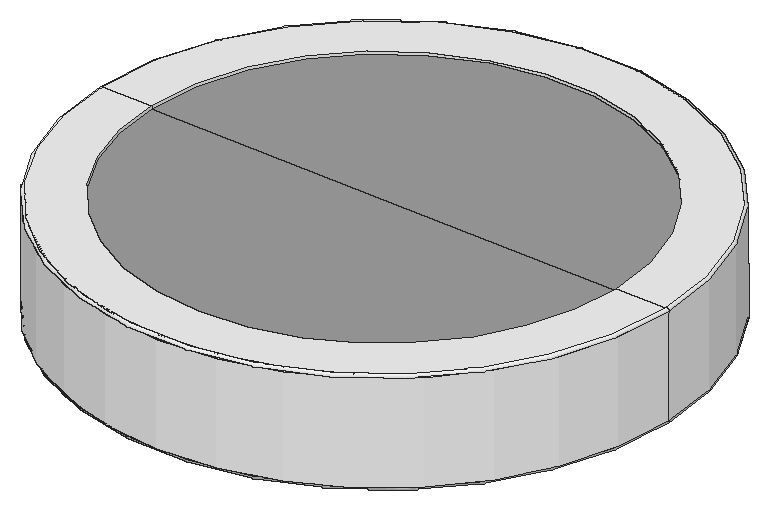
Revit family "0053301 Feilo Sylvania Lighting Fixture SYLFLAT SURFACE 2000 R 3000K", category Lighting Fixtures, host Face, Revit 2016
Family settings
  Host = Face
  Part Type = Normal
  Round Connector Dimension = Use Diameter
  OmniClass Number = 23.80.70.00
  OmniClass Title = Lighting
  Cut with Voids When Loaded = No
  Light Source = Yes
  Shared = No
  Room Calculation Point = No
Parameters (values of type "0053301 SYLFLAT SURFACE 2000 R 3000K")
  Weight = "5.6 kg"
  Wattage Comments = ""
  Wattage = 23 W
  WarrantyStartDate [instance] = "n/a"
  WarrantyGuarantorParts = "n/a"
  WarrantyDurationUnit = "n/a"
  WarrantyDurationParts = "n/a"
  WarrantyDescription = "n/a"
  built-in parameter 1150110 = 1 (stored number, unit not read)
  Voltage = 230 V
  URL = "http://www.feilosylvania.com"
  TypeName = "SYLFLAT SURFACE 2000 R 3000K"
  Type Image = <None>
  Type Comments = "n/a"
  built-in parameter 1114217 = 1 (stored number, unit not read)
  Tilt Angle = -90.00°
  built-in parameter 1150109 = 1 (stored number, unit not read)
  built-in parameter 1150134 = (empty or 0)
  built-in parameter 1150113 = 1 (stored number, unit not read)
  Square_FEILO = no
  SerialNumber [instance] = "n/a"
  Photometric Web File = "0053301.ies"
  Material_3_FEILO = none
  PowerFactor = 0.9
  PowerConsumption = "23 W"
  NominalLength = 0 mm
  NominalHeight = 40 mm
  NominalDepth = 0 mm
  Name = "SYLFLAT SURFACE 2000 R 3000K"
  ModelReference = Name  # "SYLFLAT SURFACE 2000 R 3000K"
  ModelNumber = "0053301"
  Model = Name  # "SYLFLAT SURFACE 2000 R 3000K"
  Material = "plastic housing, polycarbonate diffuser"
  ManufacturerName = "Feilo Sylvania"
  Manufacturer = "Feilo Sylvania"
  LuminousEfficacy = "74 lm/W"
  built-in parameter 1150105 = 135.44 (stored number, unit not read)
  Lumens = 1702 lm
  LuminaireType = ""
  built-in parameter 1150115 = 1 (stored number, unit not read)
  LightOutputRatio = "100"
  built-in parameter 1150137 = (empty or 0)
  built-in parameter 1150139 = (empty or 0)
  LampsType = Lamp  # "LED"
  LampNominalLuminous = "1700 lm"
  LampMacAdamStep = "n/a"
  LampColourTemperature = "3000 K"
  LampColourRenderingIndex = "0"
  built-in parameter 1150112 = 1 (stored number, unit not read)
  built-in parameter 1150114 = 1 (stored number, unit not read)
  Lamp = "LED"
  Keynote = "16500"
  InstallationDate [instance] = "n/a"
  InputVoltage = "220-240V~"
  InputNominalFrequency = "n/a"
  built-in parameter 1150132 = (empty or 0)
  built-in parameter 1150102 = (empty or 0)
  built-in parameter 1150107 = 3000 (stored number, unit not read)
  built-in parameter 1150138 = (empty or 0)
  IngressProtection = "IP20"
  ImpactProtectionIndex = "IK06"
  built-in parameter 1150106 = 1.3544 (stored number, unit not read)
  IfcExportType = "IfcLightFixtureType"
  IfcExportAs = "IfcLightFixtureType"
  Height_FEILO = 40 mm
  ExpectedLife = 50000
  Emit from Circle Diameter = Diameter_FEILO - 40 mm  # 180 mm
  Emit Shape Visible in Rendering = no
  ElectricShockClassification = "Class II"
  built-in parameter 1150104 = 6.8748 (stored number, unit not read)
  DurationUnit = "hours"
  DocumentationLiterature = "http://www.feilosylvania.com/product/en-int/products/0053301"
  DimmingControlOptions = "Non dimmable"
  Material_2_FEILO = Diffuser-Sylvania-SylFlat-Opaque
  Dimming Lamp Color Temperature Shift = <None>
  Diameter_FEILO = 220 mm
  Description = "Integrated round surface mounted 220mm diameter LED downlight providing uniform distribution with an opal diffuser, 110° beam angle, 1700LM, 23W, 74lm/W, 3000K, CRI80, non-dimmable, IP20, IK06, 25,000hrs (L70)"
  Default Elevation = 1219.2 mm
  CreatedOn = "1/26/2018"
  CreatedBy = "aron.fodor@feilosylvania.com"
  Cost = 0
  Color Filter = 16777215
  built-in parameter 1114216 [instance] = (empty or 0)
  ClassificationValue = "EF_70_80"
  ClassificationName = "Uniclass2015"
  Material_1_FEILO = Body-Sylvania-SylFlat-White
  Circle_FEILO = yes
  BarCode [instance] = "n/a"
  built-in parameter 1114218 = 1 (stored number, unit not read)
  built-in parameter 1150133 = 10 (stored number, unit not read)
  AssetType = "Fixed"
  AssetIdentifier [instance] = "n/a"
  Assembly Code = "D5020200"
  Apparent Load = 23 VA
  Material_4_FEILO = none
Reference planes
  plane 1 "Center (Front/Back)": y = 0
  plane 2: z = 0
  plane 3 "Center (Left/Right)": x = 0
  plane 4: x = 110
  plane 5: x = -110
  plane 6: z = 40
  plane 7: x = -90
  plane 8: x = 90
  plane 9: z = 39
  plane 10: y = 110
  plane 11: y = -110
  plane 12: y = 90
  plane 13: y = -90
Forms (mm)
  Revolve 1, solid, material "Body-Sylvania-SylFlat-White" <- "Material_1_FEILO", visible <- "Circle_FEILO"
    sketch origin (0, 0, 0) x (1, 0, 0) y (0, 0, 1)
      loop
        line (0, 39) -> (-90, 39) -> (-90, 40) -> (-109, 40)
        arc (-109, 40) -> (-109.707, 39.707) -> (-110, 39) r 1
        line (-110, 39) -> (-110, 1)
        arc (-110, 1) -> (-109.707, 0.293) -> (-109, 0) r 1
        line (-109, 0) -> (0, 0) -> (0, 39)
      axis (0, 40) -> (0, 0)
    angle from 360 to 0
  Extrusion 2, solid, material "Body-Sylvania-SylFlat-White" <- "Material_1_FEILO", visible <- "Square_FEILO"
    sketch origin (0, 0, 0) x (1, 0, 0) y (0, 1, 0)
      loop
        arc (-105, 110) -> (-108.536, 108.536) -> (-110, 105) r 5
        line (-110, 105) -> (-110, -105)
        arc (-110, -105) -> (-108.536, -108.536) -> (-105, -110) r 5
        line (-105, -110) -> (105, -110)
        arc (105, -110) -> (108.536, -108.536) -> (110, -105) r 5
        line (110, -105) -> (110, 105)
        arc (110, 105) -> (108.536, 108.536) -> (105, 110) r 5
        line (105, 110) -> (-105, 110)
    from 0 to 40
  Extrusion 3, void
    sketch origin (1223.4, -4572, 40) x (-1, 0, 0) y (0, -1, 0)
      loop
        arc (1308.4, -4662) -> (1311.936, -4660.536) -> (1313.4, -4657) r 5
        line (1313.4, -4657) -> (1313.4, -4487)
        arc (1313.4, -4487) -> (1311.936, -4483.464) -> (1308.4, -4482) r 5
        line (1308.4, -4482) -> (1138.4, -4482)
        arc (1138.4, -4482) -> (1134.864, -4483.464) -> (1133.4, -4487) r 5
        line (1133.4, -4487) -> (1133.4, -4657)
        arc (1133.4, -4657) -> (1134.864, -4660.536) -> (1138.4, -4662) r 5
        line (1138.4, -4662) -> (1308.4, -4662)
    from 0 to -1
Cuts and joins
  Extrusion 3 cuts Extrusion 2
Dimensions and locks
  equal spacing: plane 4, plane 3 "Center (Left/Right)", plane 5
  "Diameter_FEILO": plane 4 to plane 5
  "Height_FEILO": plane 6 to plane 2
  equal spacing: plane 8, plane 3 "Center (Left/Right)", plane 7
  locked: plane 7 to plane 5 at 20
  locked: plane 6 to plane 9 at 1
  equal spacing: plane 11, plane 1 "Center (Front/Back)", plane 10
  equal spacing: plane 13, plane 1 "Center (Front/Back)", plane 12
  "Diameter_FEILO": plane 11 to plane 10
  locked: plane 12 to plane 10 at 20
  aligned and locked: plane 2 to host face
  aligned and locked: level to host face
  aligned and locked: Revolve 1 sketch curve to plane 3 "Center (Left/Right)"
  aligned and locked: plane 3 "Center (Left/Right)" to Revolve 1 sketch curve  (x2)
  aligned and locked: Revolve 1 sketch curve to plane 9
  aligned and locked: plane 7 to Revolve 1 sketch curve
  aligned and locked: Revolve 1 sketch curve to plane 6
  aligned and locked: Revolve 1 sketch curve to plane 5
  aligned and locked: Revolve 1 sketch curve to level
  aligned and locked: plane 10 to Extrusion 2 sketch curve
  aligned and locked: plane 5 to Extrusion 2 sketch curve
  aligned and locked: Extrusion 2 sketch curve to plane 11
  aligned and locked: Extrusion 2 sketch curve to plane 4
  aligned and locked: plane 12 to Extrusion 3 sketch curve
  aligned and locked: plane 7 to Extrusion 3 sketch curve
  aligned and locked: Extrusion 3 sketch curve to plane 13
  aligned and locked: Extrusion 3 sketch curve to plane 8
  aligned and locked: Extrusion 2 to plane 6
  aligned and locked: plane 9 to Extrusion 3
  aligned and locked: Extrusion 3 to plane 6
  aligned and locked: Extrusion 2 to level
  aligned and locked: Extrusion 2 to Extrusion 3
  aligned and locked: plane 3 "Center (Left/Right)" to imposter light
  aligned and locked: imposter light to plane 1 "Center (Front/Back)"
  aligned and locked: imposter light to plane 9
Automatic sketch dimensions
  host sketch curve to host sketch curve = 2438.4 mm  (x2)
  plane 5 to Revolve 1 sketch curve = 1 mm
  Revolve 1 sketch curve to Revolve 1 sketch curve = 1 mm
  Revolve 1 sketch curve to level = 609.6 mm
  Revolve 1 sketch curve to plane 6 = 2569.058 mm
  plane 10 to Extrusion 2 sketch curve = 0 mm
  plane 5 to Extrusion 2 sketch curve = 5 mm
  Extrusion 2 sketch curve to plane 7 = 15 mm
  Extrusion 2 sketch curve to plane 4 = 5 mm  (x2)
  plane 12 to Extrusion 3 sketch curve = 5 mm
  Extrusion 3 sketch curve to Extrusion 3 sketch curve = 5 mm  (x2)
  Extrusion 3 sketch curve to plane 13 = 5 mm
Connectors
  electrical at (0, 0, 0), driven by "Apparent Load", driven by "PowerFactor", driven by "Voltage"
    settings: index 1, voltage 230 V, apparent load 23 VA, apparent load phase1 0 VA, apparent load phase2 0 VA, apparent load phase3 0 VA, power factor 0.9, load classification "Lighting", number of poles 1, system type 30, power factor state 1, is connector primary yes, connector utility no, sub classification motor no, connector description ""
